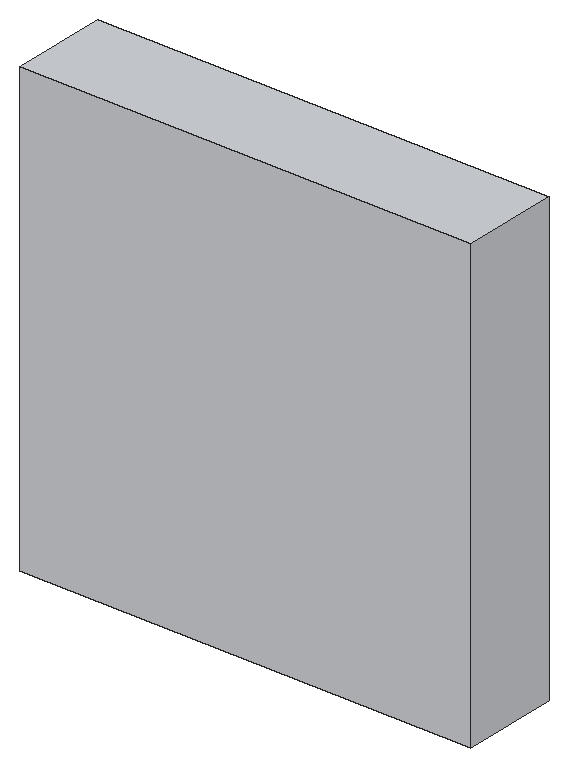
Revit family "IDP_Nurse Call Devices_CAL920-CALL LAMP AND SOUNDER", category Nurse Call Devices, Revit 2026
Family settings
  Round Connector Dimension = Use Diameter
  Part Type = Normal
  Work Plane-Based = No
  Always vertical = Yes
  Cut with Voids When Loaded = No
  Maintain Annotation Orientation = No
  Shared = Yes
  Room Calculation Point = Yes
Parameters (values of type "CAL920")
  Uniclass2015_Pr = "Pr_75_75_04_57 : Nurse call units"
  SFG20 = ""
  NRM3 = ""
  NRM1 = ""
  Keynote = ""
  Description = "CALL LAMP AND SOUNDER"
  Default Elevation = 0 mm
  ADBUserData1 = "R1"
  ADBGroup = "1"
  ADBDescription = "LAMP & TONE UNIT, audible sound, staff or staff emergency or cardiac call"
  ADBCode = "CAL920"
Reference planes
  plane 1 "Center (Front/Back)": y = 0
  plane 2: z = 0
  plane 3 "Center (Left/Right)": x = 0
Forms (mm)
  Extrusion 1, solid
    sketch origin (-70, -30, -70) x (1, 0, 0) y (0, 0, -1)
      loop
        line (0, 0) -> (0, -140) -> (140, -140) -> (140, 0) -> (0, 0)
    from 0 to 30
Lines and regions (mm)
  symbolic lines
    curve 1: circle (0, -146.88, 0) r 46.88 normal (0, 0, 1)
    curve 2: line (0, -100, 0) -> (0, 0, 0)
    curve 3: line (-54.96, -202.13, 0) -> (55, -92, 0)
    curve 4: line (54.96, -202.13, 0) -> (-55, -92, 0)
  symbolic lines, style "InvisibleLines"
    curve 5: line (-70, 0, 0) -> (70, 0, 0)
  model lines, style "InvisibleLines"
    curve 6: line (70, 0, -70) -> (70, 0, -1650)
Dimensions and locks
  aligned and locked: level to plane 2
  aligned and locked: Extrusion 1 to curve 6
